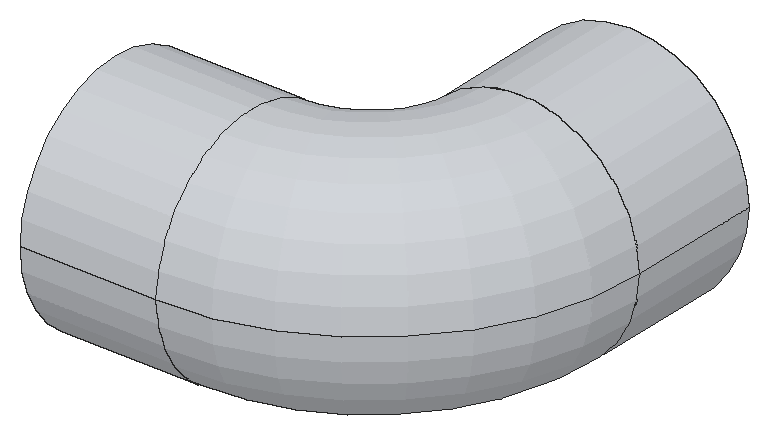
Revit family "Cotovelo - CPVC - HW", category Conexões de tubo, Revit 2019
Family settings
  Cota do conector redondo = Usar raio
  Tipo de parte = Cotovelo
  ID de item do Seek = Elbow - Generic-0000-CAN-ENU
  Com base no plano de trabalho = Não
  Sempre na vertical = Sim
  Corte com vazios quando carregada = Não
  Compartilhado = Não
Parameters (values of type "Padrão")
  Tamanho da marca de revisão [instance] = Diâmetro externo da conexão * 0.4  # 9.80 mm
  Raio nominal [instance] = 10.00 mm
  Diâmetro nominal [instance] = Raio nominal * 2  # 20.00 mm
  Método de perda = Coeficiente K da tabela
  Nome da tabela de pesquisa = "BR_Elbow - CPVC - HW"
  Tabela de coeficiente K = "Cotovelo regular 45, 90 e 180"
  Raio externo da conexão [instance] = Diâmetro externo da conexão / 2  # 12.25 mm
  Diâmetro externo da conexão [instance] = size_lookup(Nome da tabela de pesquisa, "FOD", 1.0956 * Diâmetro nominal + 2.40 mm, Diâmetro nominal)  # 24.50 mm
  Description = ""
  Centro para o soquete [instance] = Raio do centro * tan(Ângulo / 2)  # 15.40 mm
  Raio do centro [instance] = size_lookup(Nome da tabela de pesquisa, "CRad", 0.6873 * Diâmetro nominal + 1.70 mm, Diâmetro nominal)  # 15.40 mm
  Comprimento [instance] = size_lookup(Nome da tabela de pesquisa, "Lgt", 0.6299 * Diâmetro nominal + 1.50 mm, Diâmetro nominal)  # 14.00 mm
  Ângulo [instance] = 90.00°
Reference planes
  plane 1 "Centro (Frente/Trás)": y = 0
  plane 2: z = 0
  plane 3 "Centro (Esquerda/Direita)": x = 0
  plane 4: x = -15.4
  plane 5: y = 15.4
  plane 6: y = 9.8
  plane 7: y = -9.8
Forms (mm)
  Sweep 1, solid, detail levels fine
    path in 3D
      loop
        arc (-15.4, 0, 0) -> (-4.511, 4.511, 0) -> (0, 15.4, 0) r 15.4
    profile origin (-4.511, 4.511, 0) x (-0.707107, 0.707107, 0) y (0, 0, 1)
      loop
        circle (0, 0) r 12.25
  Sweep 2, solid, detail levels fine
    path in 3D
      loop
        line (0, 15.4, 0) -> (0, 29.4, 0)
    profile origin (0, 22.4, 0) x (-1, 0, 0) y (0, 0, 1)
      loop
        circle (0, 0) r 12.25
  Sweep 3, solid, detail levels fine
    path in 3D
      loop
        line (-15.4, 0, 0) -> (-29.4, 0, 0)
    profile origin (-22.4, 0, 0) x (0, -1, 0) y (0, 0, 1)
      loop
        circle (0, 0) r 12.25
Cuts and joins
  joined: Sweep 1, Sweep 2, Sweep 3
Lines and regions (mm)
  reference lines
    curve 1: line (-15.4, 15.4, 0) -> (29.05, 15.4, 0)
    curve 2: arc (-15.4, 0, 0) -> (-4.511, 4.511, 0) -> (0, 15.4, 0) r 15.4
    curve 3: line (0, 0, 0) -> (0, 19.05, 0)
    curve 4: line (-9.8, 15.4, 0) -> (-9.8, -24.822, 0)
    curve 5: line (9.8, 0, 0) -> (9.8, 15.4, 0)
    curve 8: line (-15.4, 0, 0) -> (-29.4, 0, 0)
    curve 9: line (0, 15.4, 0) -> (0, 29.4, 0)
    curve 12: line (0, 29.4, 0) -> (0, 25.476, 0)
    curve 13: line (-29.4, 0, 0) -> (-25.476, 0, 0)
  model lines, detail levels coarse+medium
    curve 6: arc (-15.4, 0, 0) -> (-4.511, 4.511, 0) -> (0, 15.4, 0) r 15.4
    curve 14: line (-29.4, -9.8, 0) -> (-29.4, 9.8, 0)
    curve 15: line (-15.4, 0, 0) -> (-29.4, 0, 0)
    curve 16: line (-9.8, 29.4, 0) -> (9.8, 29.4, 0)
    curve 17: line (0, 15.4, 0) -> (0, 29.4, 0)
  sketch lines
    curve 7: arc (-15.4, 0, 0) -> (-4.511, 4.511, 0) -> (0, 15.4, 0) r 15.4
    curve 10: line (0, 15.4, 0) -> (0, 29.4, 0)
    curve 11: line (-15.4, 0, 0) -> (-29.4, 0, 0)
Dimensions and locks
  "Centro para o soquete": plane 4 to plane 3 "Centro (Esquerda/Direita)"
  "Raio do centro": plane 5 to plane 1 "Centro (Frente/Trás)"
  "Tamanho da marca de revisão": plane 6 to plane 1 "Centro (Frente/Trás)"
  "Tamanho da marca de revisão": plane 7 to plane 1 "Centro (Frente/Trás)"
  "Tamanho da marca de revisão": curve 3 to curve 4
  "Tamanho da marca de revisão": curve 5 to curve 3
  "Comprimento": curve 9 to curve 9
  "Comprimento": curve 8 to curve 8
  curve 12 to curve 12 = 3.924 mm
  curve 13 to curve 13 = 3.924 mm
  "Raio do centro": radius of curve 2
  "Raio externo da conexão": radius of Sweep 1 sketch curve
  "Raio externo da conexão": radius of Sweep 2 sketch curve
  "Raio externo da conexão": radius of Sweep 3 sketch curve
  "Ângulo": angle plane 4 to curve 1
  "Ângulo": angle curve 2 to curve 2
  "Ângulo": angle plane 1 "Centro (Frente/Trás)" to curve 3
  "Ângulo": angle curve 6 to curve 6
  angle curve 9 to curve 1 = 90.00°
  angle curve 12 to curve 1 = 90.00°
  angle curve 16 to curve 5 = 90.00°
  angle curve 17 to curve 1 = 90.00°
  aligned and locked: plane 4 to curve 1
  aligned and locked: plane 5 to curve 1
  aligned and locked: plane 5 to curve 2
  aligned and locked: plane 4 to curve 2  (x2)
  aligned and locked: plane 1 "Centro (Frente/Trás)" to curve 3
  aligned and locked: plane 3 "Centro (Esquerda/Direita)" to curve 3
  aligned and locked: curve 6 to curve 2
  aligned and locked: plane 6 to curve 14
  aligned and locked: plane 7 to curve 14
  aligned and locked: curve 14 to curve 13
  aligned and locked: curve 5 to curve 16
  aligned and locked: curve 16 to curve 4
  aligned and locked: curve 16 to curve 12
Automatic sketch dimensions
  Sweep 1 sketch curve to profile plane = 0.00 mm
  profile plane to Sweep 1 sketch curve = 0.00 mm
  curve 1 to curve 5 = 0.00 mm
  curve 1 to curve 4 = 0.00 mm
  curve 3 to curve 5 = 0.00 mm
  curve 4 to curve 1 = 40.222 mm
  Sweep 2 sketch curve to profile plane = 0.00 mm  (x2)
  Sweep 3 sketch curve to profile plane = 0.00 mm  (x2)
Connectors
  piping at (-29.4, 0, 0), diameter 20, driven by "Raio nominal", driven by "Ângulo"
    settings: on cut or joined group of Sweep 1, Sweep 2, Sweep 3, index 1, connector inside diameter 20.00 mm, connector length 0.00 mm, flow factor 0, pipe flow 0.0 L/s, pressure drop 0.0 Pa, fitting loss kfactor 0, connector angle 90.00°, fixture units 0, engagement length 0.00 mm, angle of deflection 0.00°, flow configuration 0, flow direction 0, fitting loss method 0, system type 28, joint type 0, gender type 0, connector reference index 2, connector utility 0, adjustable connector no, is connector primary yes, connector description ""
  piping at (0, 29.4, 0), diameter 20, driven by "Raio nominal", driven by "Ângulo"
    settings: on cut or joined group of Sweep 1, Sweep 2, Sweep 3, index 2, connector inside diameter 20.00 mm, connector length 0.00 mm, flow factor 0, pipe flow 0.0 L/s, pressure drop 0.0 Pa, fitting loss kfactor 0, connector angle 90.00°, fixture units 0, engagement length 0.00 mm, angle of deflection 0.00°, flow configuration 0, flow direction 0, fitting loss method 0, system type 28, joint type 0, gender type 0, connector reference index 1, connector utility 0, adjustable connector no, is connector primary no, connector description ""
